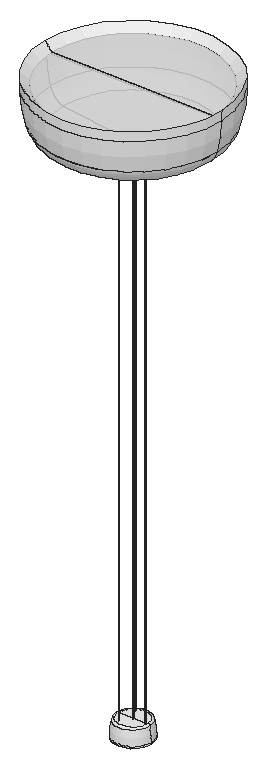
Revit family "3097944 Lighting Fixture_Sylvania_Nephos LED_Ceiling Pendant", category Lighting Fixtures, host Face, Revit 2017
Family settings
  Host = Face
  Round Connector Dimension = Use Diameter
  Part Type = Normal
  OmniClass Number = 23.80.70.11.17
  OmniClass Title = Specialized Lighting by Location or Use
  Cut with Voids When Loaded = No
  Light Source = Yes
  Shared = No
  Room Calculation Point = No
Parameters (values of type "NEPHOS 600 LED V2 GLOSS WHITE WW EB")
  Rod Length = Mounting Height - Height - 57.0 mm  # 1743.0 mm
  Radius = 300.0 mm
  Mounting Material = Steel_Sylvania_Nephos_Silver
  Mounting Height = 2000.0 mm
  Mounting Radius = 62.0 mm  # constant formula
  Life = "50 000h"  # constant formula
  LOR = "100%"
  IP Rating = "IP20"  # constant formula
  Weight = 4.97 kg
  Wattage = 39.8235 W
  built-in parameter 1150110 = 1 (stored number, unit not read)
  Voltage Comments = "UNV (Universal Voltage; 220-240 Volt)"  # constant formula
  Voltage = 230 V  # constant formula
  URL = "http://www.sylvania-lighting.com"
  built-in parameter 1114217 = 1 (stored number, unit not read)
  Tilt Angle = -90°
  built-in parameter 1150109 = 1 (stored number, unit not read)
  built-in parameter 1150134 = (empty or 0)
  built-in parameter 1150113 = 1 (stored number, unit not read)
  Product Page URL = "http://www.sylvania-lighting.com/product/en-int/products/3097944"
  Product Family = "NEPHOS"  # constant formula
  Photometry Comments = ""
  Photometric Web File = "3097944_NEPHOS600LEDV2GLOSSWHITEWWEB-209107.ies"
  Height = 200.0 mm
  Glow Wire Test = 650 °C
  Emit from Circle Diameter = Diameter - 10.0 mm  # 590.0 mm
  Emit Shape Visible in Rendering = no
  Electrical Protection = "Class I"  # constant formula
  Drive Current = "700mA"  # constant formula
  Diffuser Radius = Radius - 5.0 mm  # 295.0 mm
  Diffuser Material = Polycarbonate_Sylvania_Nephos_Opal
  Diameter = 2 * Radius  # 600.0 mm
  built-in parameter 1114216 [instance] = 1 (stored number, unit not read)
  Model = "NEPHOS 600 LED V2 GLOSS WHITE WW EB"
  Manufacturer = "Feilo Sylvania"
  built-in parameter 1150105 = 161.62 (stored number, unit not read)
  Lumens = 2031 lm
  built-in parameter 1150115 = 1 (stored number, unit not read)
  built-in parameter 1150137 = (empty or 0)
  built-in parameter 1150139 = (empty or 0)
  built-in parameter 1150112 = 1 (stored number, unit not read)
  built-in parameter 1150114 = 1 (stored number, unit not read)
  Lamp = "Integrated LED"
  built-in parameter 1150132 = 2
  built-in parameter 1150102 = (empty or 0)
  built-in parameter 1150107 = 3000 (stored number, unit not read)
  built-in parameter 1150138 = (empty or 0)
  built-in parameter 1150106 = 1.6162 (stored number, unit not read)
  CRI ( Ra ) = 85  # constant formula
  Body Material = Aluminium_Sylvania_Nephos_White
  built-in parameter 1150104 = 4.7381 (stored number, unit not read)
  Dimming Lamp Color Temperature Shift = <None>
  Description = "High-end and decorative LED pendant with a contemporary curved design. Available in gloss black and gloss white colour finishes to suit either a high brightness reception, or an ambient lounge space. Diffused (direct) light provides a soft and ambient lighting effect. Perfect for hospitality and residential applications; can be used in restaurants, bars, reception areas or lounge spaces. Aluminium housing material. 600mm diameter. Delivers up to 1340lm (4000K luminaire lumen output). Available in 3000K and 4000K colour temperatures. DALI dimmable options. 25W. LED technology provides energy efficient solution and reduced maintenance costs. 50,000 hour life. Adjustable 2000mm suspension cable"  # constant formula
  Default Elevation = 0.0 mm
  Color Filter = 16777215
  Catalog Number = "3097944 NEPHOS 600 LED V2 GLOSS WHITE WW EB"
  built-in parameter 1140040 [instance] = 1
  built-in parameter 1114218 = 1 (stored number, unit not read)
  built-in parameter 1150133 = 10 (stored number, unit not read)
  Assembly Code = "D5020200"
  Apparent Load Comments = ""
  Apparent Load = 24 VA
Reference planes
  plane 1 "Center (Front/Back)": y = 0
  plane 2: z = 0
  plane 3 "Center (Left/Right)": x = 0
  plane 4 "Mounting Bottom": z = 57
  plane 5: z = 1800
  plane 6 "Fixture Bottom": z = 2000
  plane 7 "Diffuser Plane": z = 1975
  plane 8: z = 1820
  plane 9: z = 1870
  plane 10: z = 1970
  plane 11: z = 47
Forms (mm)
  Revolve 1, solid, material "Aluminium_Sylvania_Nephos_White" <- "Body Material", detail levels fine
    sketch origin (0, 0, 0) x (1, 0, 0) y (0, 0, 1)
      loop
        line (-300, 2000) -> (-300, 1970)
        arc (-300, 1970) -> (-296.229, 1919.441) -> (-285, 1870) r 340.833
        arc (-285, 1870) -> (-268.025, 1840.027) -> (-240, 1820) r 79.807
        arc (-240, 1820) -> (-135.475, 1805.011) -> (-30, 1800) r 1112.5
        line (-30, 1800) -> (0, 1800) -> (0, 1805) -> (-30, 1805)
        arc (-30, 1805) -> (-134.731, 1809.963) -> (-238.523, 1824.808) r 1107.5
        arc (-238.523, 1824.808) -> (-264.485, 1843.568) -> (-280.22, 1871.467) r 74.807
        arc (-280.22, 1871.467) -> (-291.284, 1920.182) -> (-295, 1970) r 335.833
        line (-295, 1970) -> (-295, 1975) -> (-275, 1975) -> (-300, 2000)
      axis (0, 2000) -> (0, 1800)
    angle from 0 to 360
  Revolve 2, solid, material "Polycarbonate_Sylvania_Nephos_Opal" <- "Diffuser Material", detail levels fine
    sketch origin (0, 0, 0) x (1, 0, 0) y (0, 0, 1)
      loop
        line (0, 1975) -> (-295, 1975) -> (-295, 1970) -> (0, 1970) -> (0, 1975)
      axis (0, 1975) -> (0, 1970)
    angle from 0 to 360
  Revolve 3, solid, material "Aluminium_Sylvania_Nephos_White" <- "Body Material", detail levels fine
    sketch origin (0, 0, 0) x (1, 0, 0) y (0, 0, 1)
      loop
        line (0, 57) -> (-50.541, 57)
        arc (-50.541, 57) -> (-54.527, 55.484) -> (-56.499, 51.702) r 6
        arc (-56.499, 51.702) -> (-60.62, 28.512) -> (-62, 5) r 201.008
        line (-62, 5) -> (-62, 0) -> (0, 0) -> (0, 57)
      axis (0, 57) -> (0, 0)
    angle from 0 to 360
  Extrusion 4, solid, material "Aluminium_Sylvania_Nephos_White" <- "Body Material", detail levels fine
    sketch origin (0, 0, 0) x (1, 0, 0) y (0, 1, 0)
      loop
        circle (0, 0) r 2
    from 57 to 1800
  Revolve 5, solid, material "Aluminium_Sylvania_Nephos_White" <- "Body Material", detail levels coarse+medium
    sketch origin (0, 0, 0) x (1, 0, 0) y (0, 0, 1)
      loop
        line (-300, 2000) -> (-300, 1970)
        arc (-300, 1970) -> (-296.229, 1919.441) -> (-285, 1870) r 340.833
        arc (-285, 1870) -> (-268.025, 1840.027) -> (-240, 1820) r 79.807
        arc (-240, 1820) -> (-135.475, 1805.011) -> (-30, 1800) r 1112.5
        line (-30, 1800) -> (0, 1800) -> (0, 2000) -> (-300, 2000)
      axis (0, 2000) -> (0, 1800)
    angle from 0 to 360
Lines and regions (mm)
  model lines
    curve 1: line (0, 0, 1800) -> (0, 0, 0)
Dimensions and locks
  locked: plane 4 "Mounting Bottom" to plane 2 at 57
  "Radius": plane 3 "Center (Left/Right)" to Revolve 1 sketch curve
  locked: Revolve 1 sketch curve to Revolve 1 sketch curve at 25
  locked: Revolve 1 sketch curve to Revolve 1 sketch curve at 15
  locked: Revolve 1 sketch curve to Revolve 1 sketch curve at 60
  "Diffuser Radius": plane 3 "Center (Left/Right)" to Revolve 2 sketch curve
  "Mounting Height": plane 6 "Fixture Bottom" to plane 2
  "Mounting Radius": plane 3 "Center (Left/Right)" to Revolve 3 sketch curve
  Revolve 3 sketch curve to Revolve 3 sketch curve to Revolve 3 sketch curve = 5.959 mm locked, 5.501 mm locked
  locked: Revolve 3 sketch curve to Revolve 3 sketch curve at 5.298
  locked: plane 4 "Mounting Bottom" to plane 11 at 10
  locked: Revolve 1 sketch curve to Revolve 1 sketch curve at 270
  locked: Revolve 5 sketch curve to Revolve 5 sketch curve at 15
  locked: Revolve 5 sketch curve to Revolve 5 sketch curve at 60
  locked: Revolve 5 sketch curve to Revolve 5 sketch curve at 270
  "Radius": plane 3 "Center (Left/Right)" to Revolve 5 sketch curve
  "Height": plane 6 "Fixture Bottom" to plane 5
  locked: plane 6 "Fixture Bottom" to plane 7 "Diffuser Plane" at 25
  plane 10 to plane 9 to plane 8 to plane 5 = 100.0 mm locked, 50.0 mm locked, 20.0 mm locked
  aligned and locked: plane 2 to host face
  aligned and locked: level to host face
  aligned and locked: plane 1 "Center (Front/Back)" to imposter light
  aligned and locked: plane 3 "Center (Left/Right)" to imposter light
  aligned and locked: Revolve 1 sketch curve to plane 3 "Center (Left/Right)"
  aligned and locked: plane 7 "Diffuser Plane" to Revolve 2 sketch curve
  aligned and locked: Revolve 2 sketch curve to plane 10
  aligned and locked: Revolve 2 sketch curve to plane 3 "Center (Left/Right)"
  aligned and locked: plane 4 "Mounting Bottom" to Revolve 3 sketch curve
  aligned and locked: Revolve 3 sketch curve to plane 3 "Center (Left/Right)"  (x2)
  aligned and locked: Extrusion 4 to plane 4 "Mounting Bottom"
  aligned and locked: plane 5 to Extrusion 4
  aligned and locked: plane 6 "Fixture Bottom" to imposter light
  aligned and locked: plane 5 to nested 1  (x2)
  aligned and locked: nested 1 to plane 1 "Center (Front/Back)"
  aligned and locked: nested 1 to plane 5
  aligned and locked: plane 5 to nested 2
  aligned and locked: plane 5 to nested 3
  aligned and locked: Revolve 5 sketch curve to plane 6 "Fixture Bottom"
  aligned and locked: plane 2 to curve 1
  aligned and locked: plane 5 to curve 1
  aligned and locked: curve 1 to plane 3 "Center (Left/Right)"
Automatic sketch dimensions
  host sketch curve to host sketch curve = 1305.563 mm
  host sketch curve to host sketch curve = 1283.632 mm
  plane 1 "Center (Front/Back)" to Extrusion 4 sketch curve = 0.0 mm
  Extrusion 4 sketch curve to plane 3 "Center (Left/Right)" = 0.0 mm
  Revolve 1 sketch curve to Revolve 1 sketch curve = 0.0 mm  (x7)
  Revolve 1 sketch curve to plane 7 "Diffuser Plane" = 0.0 mm
  Revolve 1 sketch curve to plane 10 = 0.0 mm
  Revolve 1 sketch curve to plane 9 = 0.0 mm  (x2)
  Revolve 1 sketch curve to plane 3 "Center (Left/Right)" = 0.0 mm
  Revolve 1 sketch curve to plane 5 = 0.0 mm
  Revolve 1 sketch curve to plane 8 = 0.0 mm
  Revolve 1 sketch curve to plane 6 "Fixture Bottom" = 0.0 mm
  Revolve 1 sketch curve to Revolve 1 sketch curve = 5.0 mm
  plane 5 to Revolve 1 sketch curve = 5.0 mm
  Revolve 1 sketch curve to Revolve 1 sketch curve = 135.894 mm
  Revolve 1 sketch curve to Revolve 1 sketch curve = 84.106 mm
  Revolve 2 sketch curve to plane 3 "Center (Left/Right)" = 0.0 mm
  plane 9 to Revolve 2 sketch curve = 25.416 mm
  plane 6 "Fixture Bottom" to Revolve 2 sketch curve = 55.416 mm
  Revolve 3 sketch curve to level = 0.0 mm
  level to Revolve 3 sketch curve = 5.0 mm
  Revolve 3 sketch curve to Revolve 3 sketch curve = 34.616 mm
  Revolve 3 sketch curve to Revolve 3 sketch curve = 68.384 mm
  Revolve 5 sketch curve to plane 9 = 0.0 mm  (x2)
  Revolve 5 sketch curve to plane 3 "Center (Left/Right)" = 0.0 mm  (x2)
  Revolve 5 sketch curve to plane 10 = 0.0 mm
  Revolve 5 sketch curve to plane 5 = 0.0 mm
  Revolve 5 sketch curve to plane 8 = 0.0 mm
  Revolve 5 sketch curve to plane 5 = 135.894 mm
  Revolve 5 sketch curve to Revolve 5 sketch curve = 84.106 mm
  radius of Extrusion 4 sketch curve = 2.0 mm
Nested families
  nested 1: "Mounting" at (41.499, 0, 1800) x (1, 0, 0) z (0, 0, -1), type "Mounting"
    with Rod Length 1743.0 mm
  nested 2: "Mounting" at (-20.75, 35.94, 1800) x (-0.5, 0.866, 0) z (0, 0, -1), type "Mounting"
    with Rod Length 1743.0 mm
  nested 3: "Mounting" at (-20.75, -35.94, 1800) x (-0.5, -0.866, 0) z (0, 0, -1), type "Mounting"
    with Rod Length 1743.0 mm
Connectors
  electrical at (0, 0, 0), driven by "Voltage", driven by "Apparent Load"
    settings: on Revolve 3, index 1, voltage 230 V, apparent load 0 VA, apparent load phase1 24 VA, apparent load phase2 0 VA, apparent load phase3 0 VA, power factor 1, load classification "Lighting", number of poles 1, system type 31, power factor state 1, is connector primary yes, connector utility no, sub classification motor no, connector description ""
Definition of nested family "Mounting"
  Parameters
    Rod Length = 1243.0 mm
    Mounting Material = none
    Default Elevation = 0.0 mm
  Reference planes
    plane 1 "Center (Front/Back)": y = 0
    plane 2: z = 0
    plane 3 "Center (Left/Right)": x = 0
    plane 4: y = 0
    plane 5: z = 1243
    plane 6: z = 6
  Forms (mm)
    Extrusion 1, solid, material <- "Mounting Material", detail levels fine
      sketch origin (0, 0, 0) x (1, 0, 0) y (0, 1, 0)
        loop
          circle (0, 0) r 0.5
      from 6 to 1243
    Extrusion 2, solid, material <- "Mounting Material", detail levels fine
      sketch origin (0, 0, 0) x (1, 0, 0) y (0, 1, 0)
        loop
          circle (0, 0) r 1.5
      from 0 to 6
  Dimensions and locks
    locked: plane 6 to plane 2 at 6
    "Rod Length": plane 5 to plane 2
    aligned and locked: level to plane 2
    aligned and locked: plane 5 to Extrusion 1
    aligned and locked: plane 6 to Extrusion 2
    aligned and locked: Extrusion 2 to plane 2
    aligned and locked: Extrusion 1 to plane 6
    aligned and locked: plane 1 "Center (Front/Back)" to plane 4
  Automatic sketch dimensions
    Extrusion 1 sketch curve to plane 3 "Center (Left/Right)" = 0.0 mm
    plane 4 to Extrusion 1 sketch curve = 0.0 mm
    Extrusion 2 sketch curve to plane 3 "Center (Left/Right)" = 0.0 mm
    plane 4 to Extrusion 2 sketch curve = 0.0 mm
    radius of Extrusion 1 sketch curve = 0.5 mm
    radius of Extrusion 2 sketch curve = 1.5 mm
